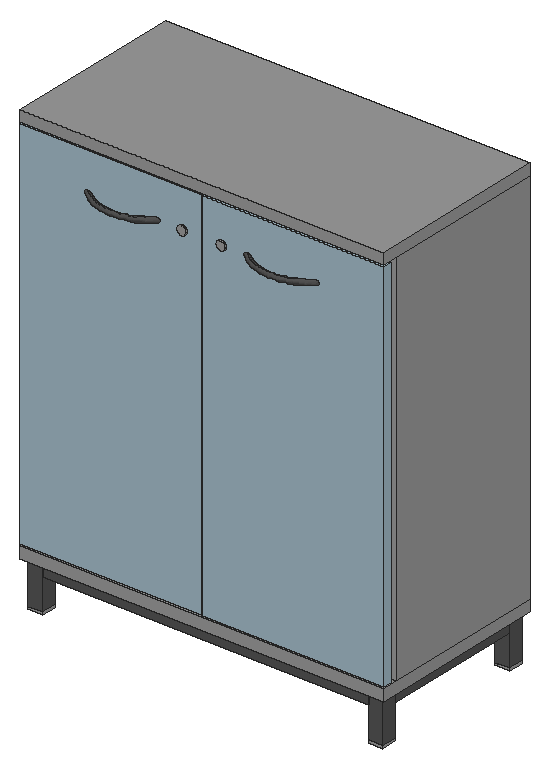
Revit family "800 Tall Storage", category Furniture, Revit 2019
Family settings
  OmniClass Number = 23.40.20.00
  OmniClass Title = General Furniture and Specialties
  Work Plane-Based = No
  Always vertical = Yes
  Cut with Voids When Loaded = No
  Shared = No
  Room Calculation Point = No
Parameters (values of type "Storage - 800 Tall Storage")
  Width = 800 mm
  URL = "www.gof.co.uk"
  Range = "STORAGE"
  Product Data Specification = ""
  Product Code = "KQ0810ST"
  Product Brochure = ""
  Model = "KULTURE QUOLL"
  Manufacturer = "Gresham Office Furniture"  # constant formula
  Handle = Gresham - BLACK METAL
  Frame = Gresham - BLACK METAL
  Doors = Gresham - Azure
  Carcass = Gresham - MIDNIGHT ASH VERTICAL
  Depth = 400 mm
Reference planes
  plane 1 "Center (Front/Back)": y = 0
  plane 2: z = 0
  plane 3 "Center (Left/Right)": x = 0
  plane 4: x = -400
  plane 5: x = 400
  plane 6: y = 200
  plane 7 "Front": y = -200
  plane 8 "Storage Top": z = 569
  plane 9: z = 556.5
  plane 10 "Door Front": y = -182
  plane 11: z = 112.5
  plane 12: z = 544
  plane 13: z = 1400
  plane 14: z = 984
  plane 15: z = 959
  plane 16: z = 1375
  plane 17: z = 125
  plane 18: z = 100
  plane 19: z = 568.5
  plane 20: z = 543.5
Forms (mm)
  Extrusion 1, solid, material "Gresham - MIDNIGHT ASH VERTICAL" <- "Carcass"
    sketch origin (0, -5.525, 5) x (-1, 0, 0) y (0, -1, 0)
      loop
        line (382, -205.525) -> (382, -187.525) -> (-382, -187.525) -> (-382, -205.525) -> (382, -205.525)
    from 120 to 954
  Extrusion 2, solid, material "Gresham - MIDNIGHT ASH VERTICAL" <- "Carcass"
    sketch origin (0, 17, 0) x (1, 0, 0) y (0, 1, 0)
      loop
        line (-400, 183) -> (-400, -182) -> (-382, -182) -> (-382, 183) -> (-400, 183)
      loop
        line (400, 183) -> (382, 183) -> (382, -182) -> (400, -182) -> (400, 183)
    from 125 to 959
  Extrusion 3, solid, material "Gresham - MIDNIGHT ASH VERTICAL"
    sketch origin (0, 7, -5) x (0, 1, 0) y (0, 0, 1)
      loop
        line (-207, 964) -> (193, 964) -> (193, 989) -> (-207, 989) -> (-207, 964)
    from -400 to 400
  Extrusion 4, solid, material "Gresham - MIDNIGHT ASH VERTICAL" <- "Carcass"
    sketch origin (0, -6.874, 39) x (0, 1, 0) y (0, 0, 1)
      loop
        line (-193.126, 61) -> (206.874, 61) -> (206.874, 86) -> (-193.126, 86) -> (-193.126, 61)
    from -400 to 400
  Extrusion 5, solid, material "Gresham - MIDNIGHT ASH VERTICAL" <- "Carcass"
    sketch origin (-8.088, 0, 0) x (1, 0, 0) y (0, 1, 0)
      loop
        line (17.088, 182) -> (-0.912, 182) -> (-0.912, -182) -> (17.088, -182) -> (17.088, 182)
    from 125 to 959
Dimensions and locks
  equal spacing: plane 4, plane 3 "Center (Left/Right)", plane 5
  "Width": plane 4 to plane 5
  equal spacing: plane 6, plane 1 "Center (Front/Back)", plane 7 "Front"
  locked: Extrusion 2 to Extrusion 2 at 18  (x2)
  Extrusion 3 sketch curve to Extrusion 3 sketch curve = 25 mm
  "Depth": plane 6 to plane 7 "Front"
  Extrusion 2 to plane 7 "Front" = 35 mm
  Extrusion 3 to Extrusion 3 = 25 mm
  locked: Extrusion 1 to Extrusion 1 at 18
  locked: plane 8 "Storage Top" to plane 9 at 12.5
  equal spacing: Extrusion 5, plane 3 "Center (Left/Right)", Extrusion 5
  locked: Extrusion 5 to Extrusion 5 at 18
  locked: plane 10 "Door Front" to plane 7 "Front" at 18
  Extrusion 4 sketch curve to Extrusion 4 sketch curve = 25 mm
  equal spacing: Extrusion 4, plane 11, Extrusion 4
  locked: Extrusion 4 to Extrusion 4 at 25
  locked: plane 11 to level at 112.5
  locked: plane 8 "Storage Top" to plane 12 at 25
  plane 12 to plane 11 = 431.5 mm  (x2)
  locked: plane 13 to level at 1400
  locked: plane 14 to level at 984
  locked: plane 14 to plane 15 at 25
  locked: plane 13 to plane 16 at 25
  locked: plane 17 to plane 18 at 25
  locked: plane 19 to plane 20 at 25
  plane 19 to level = 568.5 mm
  aligned and locked: level to plane 2
  aligned and locked: Extrusion 2 to plane 5
  aligned and locked: Extrusion 2 to plane 4
  aligned and locked: Extrusion 2 to Extrusion 1  (x2)
  aligned and locked: Extrusion 1 to Extrusion 2  (x2)
  aligned and locked: Extrusion 3 to plane 5
  aligned and locked: Extrusion 3 to plane 4
  aligned and locked: Extrusion 2 to Extrusion 3
  aligned and locked: Extrusion 3 to plane 7 "Front"
  aligned and locked: plane 6 to Extrusion 3
  aligned and locked: plane 6 to Extrusion 2  (x2)
  aligned and locked: plane 6 to Extrusion 1
  aligned and locked: plane 6 to Extrusion 4
  aligned and locked: Extrusion 5 sketch curve to Extrusion 1
  aligned and locked: Extrusion 1 to Extrusion 5
  aligned and locked: Extrusion 4 to plane 7 "Front"
Automatic sketch dimensions
  Extrusion 1 sketch curve to plane 6 = 0 mm
  plane 5 to Extrusion 1 sketch curve = 18 mm
  plane 4 to Extrusion 1 sketch curve = 18 mm
  Extrusion 1 sketch curve to Extrusion 1 sketch curve = 18 mm
  Extrusion 2 sketch curve to plane 4 = 0 mm
  plane 6 to Extrusion 2 sketch curve = 0 mm  (x2)
  Extrusion 2 sketch curve to plane 10 "Door Front" = 17 mm  (x2)
  Extrusion 2 sketch curve to plane 5 = 0 mm
  plane 4 to Extrusion 2 sketch curve = 18 mm
  plane 5 to Extrusion 2 sketch curve = 18 mm
  Extrusion 3 sketch curve to plane 7 "Front" = 0 mm
  Extrusion 3 sketch curve to plane 6 = 0 mm
  plane 12 to Extrusion 3 sketch curve = 415 mm
  Extrusion 4 sketch curve to plane 7 "Front" = 0 mm
  Extrusion 4 sketch curve to plane 6 = 0 mm
  Extrusion 4 sketch curve to plane 18 = 0 mm
  plane 10 "Door Front" to Extrusion 5 sketch curve = 0 mm
  Extrusion 5 sketch curve to plane 3 "Center (Left/Right)" = 9 mm
  plane 3 "Center (Left/Right)" to Extrusion 5 sketch curve = 9 mm
Nested families
  nested 1: "Modular Storage Frame" at (0, 0, 0), type "Modular Storage Frame"
    with Width 780 mm
  nested 2: "Hinged Locking Wooden Doors - HD2 - Level 1" at (0, 0, 0), type "Hinged Locking Wooden Doors - HD2 - Level 1"
    with Handle Type D no, Handle Type C yes, Handle Type B no, Width 800 mm
Definition of nested family "Modular Storage Frame"
  Parameters (values of type "Modular Storage Frame")
    Width = 1180 mm
    URL = "www.gof.co.uk"
    Frame = none
    Range = "STORAGE"
    Product Data Specification = ""
    Product Code = ""
    Product Brochure = ""
    Model = "MODULAR STORAGE"
    Manufacturer = "Gresham Office Furniture"  # constant formula
    Foot = none
    Depth = 380 mm
  Reference planes
    plane 1 "Center (Front/Back)": y = 0
    plane 2: z = 0
    plane 3 "Center (Left/Right)": x = 0
    plane 4: x = -590
    plane 5: x = 590
    plane 6: y = 190
    plane 7: y = -190
  Forms (mm)
    Extrusion 1, solid, material <- "Frame"
      sketch origin (76, -5.525, 0) x (-1, 0, 0) y (0, -1, 0)
        loop
          line (634, -195.525) -> (634, -170.525) -> (-482, -170.525) -> (-482, -195.525) -> (634, -195.525)
        loop
          line (634, 184.475) -> (-482, 184.475) -> (-482, 159.475) -> (634, 159.475) -> (634, 184.475)
        loop
          line (-514, -163.525) -> (-489, -163.525) -> (-489, 152.475) -> (-514, 152.475) -> (-514, -163.525)
        loop
          line (666, -163.525) -> (666, 152.475) -> (641, 152.475) -> (641, -163.525) -> (666, -163.525)
      from 75 to 100
    Extrusion 2, solid, material <- "Frame"
      sketch origin (0, 0, 0) x (1, 0, 0) y (0, 1, 0)
        loop
          line (590, -190) -> (590, -158) -> (558, -158) -> (558, -190) -> (590, -190)
        loop
          line (590, 190) -> (558, 190) -> (558, 158) -> (590, 158) -> (590, 190)
        loop
          line (-590, -190) -> (-558, -190) -> (-558, -158) -> (-590, -158) -> (-590, -190)
        loop
          line (-590, 190) -> (-590, 158) -> (-558, 158) -> (-558, 190) -> (-590, 190)
      from 5 to 100
    Extrusion 3, solid, material <- "Foot"
      sketch origin (0, 0, 0) x (1, 0, 0) y (0, 1, 0)
        loop
          line (590, 190) -> (558, 190) -> (558, 158) -> (590, 158) -> (590, 190)
        loop
          line (590, -158) -> (558, -158) -> (558, -190) -> (590, -190) -> (590, -158)
        loop
          line (-590, -190) -> (-558, -190) -> (-558, -158) -> (-590, -158) -> (-590, -190)
        loop
          line (-590, 190) -> (-590, 158) -> (-558, 158) -> (-558, 190) -> (-590, 190)
      from 0 to 5
  Dimensions and locks
    equal spacing: plane 4, plane 3 "Center (Left/Right)", plane 5
    "Width": plane 4 to plane 5
    equal spacing: plane 6, plane 1 "Center (Front/Back)", plane 7
    "Depth": plane 6 to plane 7
    Extrusion 2 sketch curve to Extrusion 2 sketch curve = 32 mm  (x7)
    locked: Extrusion 1 to Extrusion 1 at 25
    locked: Extrusion 2 to plane 5 at 32  (x2)
    locked: Extrusion 2 to Extrusion 2 at 32
    locked: plane 6 to Extrusion 2 at 32  (x2)
    locked: plane 4 to Extrusion 2 at 32  (x2)
    locked: Extrusion 2 to plane 7 at 32
    locked: Extrusion 1 to plane 5 at 25
    locked: plane 4 to Extrusion 1 at 25
    Extrusion 1 to plane 2 = 100 mm
    aligned and locked: level to plane 2
    aligned and locked: Extrusion 2 to Extrusion 1
    aligned and locked: plane 6 to Extrusion 1
    aligned and locked: Extrusion 1 sketch curve to Extrusion 2
    aligned and locked: Extrusion 2 to Extrusion 1 sketch curve
  Automatic sketch dimensions
    Extrusion 1 sketch curve to plane 5 = 0 mm
    Extrusion 1 sketch curve to plane 7 = 0 mm
    Extrusion 1 sketch curve to plane 4 = 0 mm
    Extrusion 1 sketch curve to plane 6 = 0 mm
    Extrusion 1 sketch curve to Extrusion 1 sketch curve = 7 mm  (x5)
    plane 4 to Extrusion 1 sketch curve = 32 mm
    Extrusion 1 sketch curve to Extrusion 1 sketch curve = 25 mm  (x2)
    plane 7 to Extrusion 1 sketch curve = 32 mm  (x2)
    Extrusion 3 sketch curve to plane 4 = 0 mm  (x2)
    Extrusion 3 sketch curve to plane 7 = 0 mm  (x2)
    Extrusion 3 sketch curve to plane 6 = 0 mm  (x2)
    Extrusion 3 sketch curve to plane 5 = 0 mm  (x2)
    Extrusion 3 sketch curve to Extrusion 3 sketch curve = 32 mm  (x5)
    plane 7 to Extrusion 3 sketch curve = 32 mm
    Extrusion 3 sketch curve to plane 6 = 32 mm  (x2)
    Extrusion 2 sketch curve to plane 4 = 0 mm  (x2)
    Extrusion 2 sketch curve to plane 6 = 0 mm  (x2)
    Extrusion 2 sketch curve to plane 7 = 0 mm  (x2)
    Extrusion 2 sketch curve to plane 5 = 0 mm  (x2)
    Extrusion 2 sketch curve to Extrusion 2 sketch curve = 32 mm
Definition of nested family "Hinged Locking Wooden Doors - HD2 - Level 1"
  Parameters (values of type "Hinged Locking Wooden Doors - HD2 - Level 1")
    Width = 1200 mm
    URL = "www.gof.co.uk"
    Range = "STORAGE"
    Product Data Specification = ""
    Product Code = "HD2"
    Product Brochure = ""
    Model = "BOOKCASE"
    Manufacturer = "Gresham Office Furniture"  # constant formula
    Height = 1816 mm
    Handle Type D [instance] = no
    Handle Type C [instance] = yes
    Handle Type B [instance] = no
    HD2 - Lock = yes
    Doors = none
    Depth = 400 mm
  Reference planes
    plane 1 "Center (Front/Back)": y = 0
    plane 2: z = 0
    plane 3 "Center (Left/Right)": x = 0
    plane 4: x = -600
    plane 5: x = 600
    plane 6: y = 200
    plane 7 "Front": y = -200
    plane 8 "Storage Top": z = 1816
    plane 9: z = 1803.5
    plane 10 "Door Front": y = -182
    plane 11: z = 112.5
    plane 12: z = 1791
    plane 13: z = 1400
    plane 14: z = 984
    plane 15: z = 959
    plane 16: z = 1375
    plane 17: z = 125
    plane 18: z = 100
  Forms (mm)
    Extrusion 1, solid, material <- "Doors", visible <- "HD2 - Lock"
      sketch origin (-839.743, -182, 1119.4) x (1, 0, 0) y (0, 0, 1)
        loop
          line (840.743, -990.4) -> (1439.743, -990.4) -> (1439.743, -163.4) -> (840.743, -163.4) -> (840.743, -990.4)
      from 0 to 18
    Extrusion 2, solid, visible <- "HD2 - Lock"
      sketch origin (0, 0, 415.5) x (-1, 0, 0) y (0, 0, -1)
        loop
          circle (-43, -457) r 10
      from 200 to 202
    Extrusion 3, solid, material <- "Doors", visible <- "HD2 - Lock"
      sketch origin (839.743, -182, 1119.4) x (-1, 0, 0) y (0, 0, -1)
        loop
          line (840.743, 163.4) -> (1439.743, 163.4) -> (1439.743, 990.4) -> (840.743, 990.4) -> (840.743, 163.4)
      from 0 to 18
    Extrusion 4, solid, visible <- "HD2 - Lock"
      sketch origin (0, 0, 415.5) x (1, 0, 0) y (0, 0, 1)
        loop
          circle (-43, 457) r 10
      from 200 to 202
  Dimensions and locks
    equal spacing: plane 4, plane 3 "Center (Left/Right)", plane 5
    "Width": plane 4 to plane 5
    equal spacing: plane 6, plane 1 "Center (Front/Back)", plane 7 "Front"
    "Depth": plane 6 to plane 7 "Front"
    "Height": plane 8 "Storage Top" to plane 2
    locked: plane 8 "Storage Top" to plane 9 at 12.5
    locked: plane 10 "Door Front" to plane 7 "Front" at 18
    locked: plane 11 to level at 112.5
    locked: plane 8 "Storage Top" to plane 12 at 25
    plane 12 to plane 11 = 1678.5 mm  (x2)
    locked: plane 13 to level at 1400
    locked: plane 14 to level at 984
    locked: plane 14 to plane 15 at 25
    locked: plane 13 to plane 16 at 25
    locked: plane 17 to plane 18 at 25
    Extrusion 1 to Extrusion 1 = 827 mm
    locked: Extrusion 1 to Extrusion 1 at 18
    locked: Extrusion 1 to nested 2 at 99
    locked: Extrusion 1 to nested 2 at 83.5
    locked: Extrusion 1 to nested 1 at 99
    locked: Extrusion 1 to nested 1 at 83.5
    locked: Extrusion 1 to nested 3 at 83.5
    locked: Extrusion 1 to nested 3 at 99
    locked: Extrusion 3 to Extrusion 3 at 18
    locked: Extrusion 3 to nested 6 at 99
    locked: Extrusion 3 to nested 6 at 83.5
    locked: Extrusion 3 to nested 4 at 99
    locked: Extrusion 3 to nested 4 at 83.5
    locked: Extrusion 3 to nested 5 at 83.5
    locked: Extrusion 3 to nested 5 at 99
    locked: Extrusion 1 sketch curve to plane 17 at 4
    aligned and locked: level to plane 2
    aligned and locked: Extrusion 2 sketch curve to nested 1
    aligned and locked: nested 6 to Extrusion 4 sketch curve
    aligned and locked: Extrusion 3 sketch curve to Extrusion 1
  Automatic sketch dimensions
    plane 5 to Extrusion 1 sketch curve = 0 mm
    plane 3 "Center (Left/Right)" to Extrusion 1 sketch curve = 1 mm
    Extrusion 1 sketch curve to plane 15 = 3 mm
    Extrusion 2 sketch curve to plane 3 "Center (Left/Right)" = 43 mm
    Extrusion 4 sketch curve to plane 3 "Center (Left/Right)" = 43 mm
    Extrusion 3 sketch curve to plane 4 = 0 mm
    Extrusion 3 sketch curve to plane 15 = 3 mm
    Extrusion 3 sketch curve to plane 3 "Center (Left/Right)" = 1 mm
    radius of Extrusion 2 sketch curve = 10 mm
    radius of Extrusion 4 sketch curve = 10 mm
  Nested families
    nested 1: "Handle Type C-1" at (175, -200, -108.638) x (-1, 0, 0) z (0, 0, 1), visible <- "Handle Type C", type "Handle Type C-1"
    nested 2: "Handle Type B-1" at (175, -200, -122.078) x (-1, 0, 0) z (0, 0, 1), visible <- "Handle Type B", type "Handle Type B-1"
    nested 3: "Handle Type D-1" at (175, -200, -122.078) x (-1, 0, 0) z (0, 0, 1), visible <- "Handle Type D", type "Handle Type D-1"
    nested 4: "Handle Type C-1" at (-175, -200, -108.638), visible <- "Handle Type C", type "Handle Type C-1"
    nested 5: "Handle Type B-1" at (-175, -200, -122.078), visible <- "Handle Type B", type "Handle Type B-1"
    nested 6: "Handle Type D-1" at (-175, -200, -122.078), visible <- "Handle Type D", type "Handle Type D-1"
  Definition of nested family "Handle Type C-1"
    Parameters (values of type "Handle Type C-1")
      URL = "www.gof.co.uk"
      Type Comments = ""
      Range = "STORAGE"
      Handle Type C = none
      Product Code = "Handle Type C"
      Model = ""
      Manufacturer = "Gresham Office Furniture"  # constant formula
      Assembly Code = "E2020200"
    Reference planes
      plane 1 "Center (Front/Back)": y = 0
      plane 2: z = 0
      plane 3 "Center (Left/Right)": x = 0
      plane 4: x = -475
      plane 5: x = 475
      plane 6 "Storage Top": z = 2007
      plane 7: y = 260
      plane 8: y = -260
    Forms (mm)
      Extrusion 1, void
        sketch origin (981.138, 0, 981.138) x (0, 1, 0) y (-1, 0, 0)
          loop
            line (0, 1072) -> (0, 884.5) -> (27.401, 884.5) -> (27.401, 1072) -> (0, 1072)
        from -12.204 to 11.22
      Sweep 2, solid, material <- "Handle Type C"
        path in 3D
          loop
            arc (-78.75, 3.75, 981.138) -> (0, -30, 981.138) -> (78.75, 3.75, 981.138) r 108.75
        profile origin (0, -30, 981.138) x (0, 1, 0) y (0, 0, 1)
          loop
            circle (0, 0) r 5
    Cuts and joins
      Extrusion 1 cuts Sweep 2
    Lines and regions (mm)
      model lines, not visible, detail levels coarse+medium
        curve 1: line (68, 0, 981.138) -> (-68, 0, 981.138)
        curve 2: line (0, 0, 986.138) -> (0, 0, 976.138)
      model lines, not visible
        curve 3: line (0, 0, 981.138) -> (0, -30, 981.138)
        curve 5: line (-75, 0, 976.138) -> (-75, 0, 986.138)
        curve 6: line (75, 0, 986.138) -> (75, 0, 976.138)
      sketch lines
        curve 4: arc (-78.75, 3.75, 981.138) -> (0, -30, 981.138) -> (78.75, 3.75, 981.138) r 108.75
    Dimensions and locks
      equal spacing: plane 4, plane 3 "Center (Left/Right)", plane 5
      locked: plane 4 to plane 5 at 950
      equal spacing: plane 7, plane 1 "Center (Front/Back)", plane 8
      locked: plane 7 to plane 8 at 520
      aligned and locked: level to plane 2
    Automatic sketch dimensions
      curve 3 to plane 1 "Center (Front/Back)" = 0 mm
      plane 1 "Center (Front/Back)" to curve 3 = 30 mm
      curve 2 to plane 3 "Center (Left/Right)" = 0 mm
      level to curve 2 = 976.138 mm
      curve 1 to plane 3 "Center (Left/Right)" = 68 mm
      curve 5 to curve 1 = 7 mm
      plane 3 "Center (Left/Right)" to curve 1 = 68 mm
      curve 1 to curve 6 = 7 mm
      curve 6 to curve 2 = 0 mm
      curve 5 to curve 2 = 0 mm
      curve 5 to curve 1 = 5 mm
      curve 1 to curve 6 = 5 mm
      curve 1 to curve 5 = 5 mm
      curve 2 to curve 2 = 10 mm
      plane 1 "Center (Front/Back)" to Extrusion 1 sketch curve = 0 mm
      Extrusion 1 sketch curve to plane 1 "Center (Front/Back)" = 27.401 mm
      plane 3 "Center (Left/Right)" to Extrusion 1 sketch curve = 96.638 mm
      Extrusion 1 sketch curve to plane 3 "Center (Left/Right)" = 90.862 mm
      Sweep 2 sketch curve to profile plane = 0 mm  (x2)
      level to curve 3 = 981.138 mm
      radius of Sweep 2 sketch curve = 5 mm
  Definition of nested family "Handle Type B-1"
    Parameters (values of type "Handle Type B-1")
      URL = "www.gof.co.uk"
      Type Comments = ""
      Range = "STORAGE"
      Handle Type B = none
      Product Code = "Handle Type B"
      Model = ""
      Manufacturer = "Gresham Office Furniture"  # constant formula
      Assembly Code = "E2020200"
    Reference planes
      plane 1 "Center (Front/Back)": y = 0
      plane 2: z = 0
      plane 3 "Center (Left/Right)": x = 0
      plane 4: x = -475
      plane 5: x = 475
      plane 6: y = 260
      plane 7: y = -260
    Forms (mm)
      Extrusion 1, void
        sketch origin (872.923, -128.373, 994.578) x (0, 1, 0) y (-1, 0, 0)
          loop
            line (71.667, 873.923) -> (71.667, 872.291) -> (97.075, 872.291) -> (97.075, 873.923) -> (71.667, 873.923)
        from -6 to 6
      Extrusion 2, solid, material <- "Handle Type B"
        sketch origin (988.138, 0, 994.578) x (0, 0, 1) y (-1, 0, 0)
          loop
            circle (0, 1063.138) r 4
          loop
            circle (0, 913.138) r 4
        from 0 to 10.354
      Sweep 3, solid, material <- "Handle Type B"
        path in 3D
          loop
            arc (-85, -5, 994.578) -> (0, -30, 994.578) -> (85, -5, 994.578) r 157
        profile origin (0, -30, 994.578) x (0, 1, 0) y (0, 0, 1)
          loop
            spline (0, 7.5) -> (-0.776, 7.244) -> (-1.5, 6.495) -> (-2.121, 5.303) -> (-2.598, 3.75) -> (-2.898, 1.941) -> (-3, 0) -> (-2.898, -1.941) -> (-2.598, -3.75) -> (-2.121, -5.303) -> (-1.5, -6.495) -> (-0.776, -7.244) -> (0, -7.5)
            spline (0, -7.5) -> (0.776, -7.244) -> (1.5, -6.495) -> (2.121, -5.303) -> (2.598, -3.75) -> (2.898, -1.941) -> (3, 0) -> (2.898, 1.941) -> (2.598, 3.75) -> (2.121, 5.303) -> (1.5, 6.495) -> (0.776, 7.244) -> (0, 7.5)
      Extrusion 4, void
        sketch origin (867.923, -128.373, 994.578) x (0, 1, 0) y (-1, 0, 0)
          loop
            line (71.667, 873.923) -> (71.667, 872.291) -> (97.075, 872.291) -> (97.075, 873.923) -> (71.667, 873.923)
        from -6 to 6
      Extrusion 5, void
        sketch origin (862.923, -128.373, 994.578) x (0, 1, 0) y (-1, 0, 0)
          loop
            line (71.667, 873.923) -> (71.667, 872.291) -> (98.373, 872.291) -> (98.373, 873.923) -> (71.667, 873.923)
        from -6 to 6
      Extrusion 6, void
        sketch origin (857.923, -128.373, 994.578) x (0, 1, 0) y (-1, 0, 0)
          loop
            line (71.667, 873.923) -> (71.667, 872.291) -> (98.373, 872.291) -> (98.373, 873.923) -> (71.667, 873.923)
        from -6 to 6
      Extrusion 7, void
        sketch origin (852.923, -128.373, 994.578) x (0, 1, 0) y (-1, 0, 0)
          loop
            line (71.667, 873.923) -> (71.667, 872.291) -> (98.842, 872.291) -> (98.842, 873.923) -> (71.667, 873.923)
        from -6 to 6
      Extrusion 8, void
        sketch origin (847.923, -128.373, 994.578) x (0, 1, 0) y (-1, 0, 0)
          loop
            line (71.667, 873.923) -> (71.667, 872.291) -> (99.385, 872.291) -> (99.385, 873.923) -> (71.667, 873.923)
        from -6 to 6
      Extrusion 9, void
        sketch origin (842.923, -128.373, 994.578) x (0, 1, 0) y (-1, 0, 0)
          loop
            line (71.667, 873.923) -> (71.667, 872.291) -> (100.2, 872.291) -> (100.2, 873.923) -> (71.667, 873.923)
        from -6 to 6
      Extrusion 10, void
        sketch origin (837.923, -128.373, 994.578) x (0, 1, 0) y (-1, 0, 0)
          loop
            line (71.667, 873.923) -> (71.667, 872.291) -> (100.984, 872.291) -> (100.984, 873.923) -> (71.667, 873.923)
        from -6 to 6
      Extrusion 11, void
        sketch origin (832.923, -128.373, 994.578) x (0, 1, 0) y (-1, 0, 0)
          loop
            line (71.667, 873.923) -> (71.667, 872.291) -> (102.35, 872.291) -> (102.35, 873.923) -> (71.667, 873.923)
        from -6 to 6
      Extrusion 12, void
        sketch origin (-867.923, -128.373, 994.578) x (0, 1, 0) y (-1, 0, 0)
          loop
            line (71.667, -873.923) -> (97.075, -873.923) -> (97.075, -872.291) -> (71.667, -872.291) -> (71.667, -873.923)
        from -6 to 6
      Extrusion 13, void
        sketch origin (-862.923, -128.373, 994.578) x (0, 1, 0) y (-1, 0, 0)
          loop
            line (71.667, -873.923) -> (98.373, -873.923) -> (98.373, -872.291) -> (71.667, -872.291) -> (71.667, -873.923)
        from -6 to 6
      Extrusion 14, void
        sketch origin (-857.923, -128.373, 994.578) x (0, 1, 0) y (-1, 0, 0)
          loop
            line (71.667, -873.923) -> (98.373, -873.923) -> (98.373, -872.291) -> (71.667, -872.291) -> (71.667, -873.923)
        from -6 to 6
      Extrusion 15, void
        sketch origin (-852.923, -128.373, 994.578) x (0, 1, 0) y (-1, 0, 0)
          loop
            line (71.667, -873.923) -> (98.842, -873.923) -> (98.842, -872.291) -> (71.667, -872.291) -> (71.667, -873.923)
        from -6 to 6
      Extrusion 16, void
        sketch origin (-847.923, -128.373, 994.578) x (0, 1, 0) y (-1, 0, 0)
          loop
            line (71.667, -873.923) -> (99.385, -873.923) -> (99.385, -872.291) -> (71.667, -872.291) -> (71.667, -873.923)
        from -6 to 6
      Extrusion 17, void
        sketch origin (-842.923, -128.373, 994.578) x (0, 1, 0) y (-1, 0, 0)
          loop
            line (71.667, -873.923) -> (100.2, -873.923) -> (100.2, -872.291) -> (71.667, -872.291) -> (71.667, -873.923)
        from -6 to 6
      Extrusion 18, void
        sketch origin (-837.923, -128.373, 994.578) x (0, 1, 0) y (-1, 0, 0)
          loop
            line (71.667, -873.923) -> (100.984, -873.923) -> (100.984, -872.291) -> (71.667, -872.291) -> (71.667, -873.923)
        from -6 to 6
      Extrusion 19, void
        sketch origin (-832.923, -128.373, 994.578) x (0, 1, 0) y (-1, 0, 0)
          loop
            line (71.667, -873.923) -> (102.35, -873.923) -> (102.35, -872.291) -> (71.667, -872.291) -> (71.667, -873.923)
        from -6 to 6
    Cuts and joins
      Extrusion 1, Extrusion 4, Extrusion 5, Extrusion 6, Extrusion 7, Extrusion 8, Extrusion 9, Extrusion 10, Extrusion 11, Extrusion 12, Extrusion 13, Extrusion 14, Extrusion 15, Extrusion 16, Extrusion 17, Extrusion 18, Extrusion 19 cuts Sweep 3
    Lines and regions (mm)
      model lines, not visible, detail levels coarse+medium
        curve 1: line (75, 0, 999.578) -> (75, 0, 989.578)
      model lines, not visible
        curve 2: line (-75, 0, 999.578) -> (-75, 0, 989.578)
        curve 3: line (-75, 0, 994.578) -> (75, 0, 994.578)
        curve 4: line (0, 0, 994.578) -> (0, -30, 994.578)
        curve 6: line (0, 0, 999.578) -> (0, 0, 989.578)
      sketch lines
        curve 5: arc (-85, -5, 994.578) -> (0, -30, 994.578) -> (85, -5, 994.578) r 157
    Dimensions and locks
      equal spacing: plane 4, plane 3 "Center (Left/Right)", plane 5
      locked: plane 4 to plane 5 at 950
      equal spacing: plane 6, plane 1 "Center (Front/Back)", plane 7
      locked: plane 6 to plane 7 at 520
      aligned and locked: level to plane 2
    Automatic sketch dimensions
      curve 4 to curve 4 = 30 mm
      curve 6 to plane 3 "Center (Left/Right)" = 0 mm
      plane 3 "Center (Left/Right)" to curve 1 = 75 mm
      level to curve 1 = 989.578 mm
      curve 3 to plane 3 "Center (Left/Right)" = 75 mm
      curve 2 to curve 1 = 0 mm
      curve 6 to curve 1 = 0 mm
      curve 2 to curve 3 = 5 mm
      curve 6 to curve 6 = 10 mm
      curve 3 to curve 2 = 5 mm
      curve 3 to curve 1 = 5 mm
      plane 3 "Center (Left/Right)" to Extrusion 1 sketch curve = 0.632 mm
      plane 1 "Center (Front/Back)" to Extrusion 1 sketch curve = 56.707 mm
      Extrusion 1 sketch curve to Extrusion 1 sketch curve = 25.409 mm
      Extrusion 1 sketch curve to plane 3 "Center (Left/Right)" = 1 mm
      plane 3 "Center (Left/Right)" to Extrusion 2 sketch curve = 75 mm
      level to Extrusion 2 sketch curve = 994.578 mm
      Extrusion 2 sketch curve to plane 3 "Center (Left/Right)" = 75 mm
      Extrusion 2 sketch curve to Extrusion 2 sketch curve = 0 mm
      Sweep 3 sketch curve to profile plane = 0 mm  (x2)
      Sweep 3 sketch curve to Sweep 3 sketch curve = 7.5 mm
      Extrusion 4 sketch curve to plane 3 "Center (Left/Right)" = 4.368 mm
      plane 1 "Center (Front/Back)" to Extrusion 4 sketch curve = 56.707 mm
      Extrusion 4 sketch curve to Extrusion 4 sketch curve = 25.409 mm
      Extrusion 4 sketch curve to Extrusion 4 sketch curve = 1.632 mm
      Extrusion 5 sketch curve to plane 3 "Center (Left/Right)" = 9.368 mm
      plane 1 "Center (Front/Back)" to Extrusion 5 sketch curve = 56.707 mm
      Extrusion 5 sketch curve to Extrusion 5 sketch curve = 26.707 mm
      Extrusion 5 sketch curve to Extrusion 5 sketch curve = 1.632 mm
      Extrusion 6 sketch curve to plane 3 "Center (Left/Right)" = 14.368 mm
      plane 1 "Center (Front/Back)" to Extrusion 6 sketch curve = 56.707 mm
      Extrusion 6 sketch curve to Extrusion 6 sketch curve = 26.707 mm
      Extrusion 6 sketch curve to Extrusion 6 sketch curve = 1.632 mm
      Extrusion 7 sketch curve to plane 3 "Center (Left/Right)" = 19.368 mm
      plane 1 "Center (Front/Back)" to Extrusion 7 sketch curve = 56.707 mm
      Extrusion 7 sketch curve to Extrusion 7 sketch curve = 27.176 mm
      Extrusion 7 sketch curve to Extrusion 7 sketch curve = 1.632 mm
      Extrusion 8 sketch curve to plane 3 "Center (Left/Right)" = 24.368 mm
      plane 1 "Center (Front/Back)" to Extrusion 8 sketch curve = 56.707 mm
      Extrusion 8 sketch curve to Extrusion 8 sketch curve = 27.719 mm
      Extrusion 8 sketch curve to Extrusion 8 sketch curve = 1.632 mm
      plane 1 "Center (Front/Back)" to Extrusion 9 sketch curve = 56.707 mm
      plane 1 "Center (Front/Back)" to Extrusion 9 sketch curve = 28.173 mm
      Extrusion 9 sketch curve to plane 3 "Center (Left/Right)" = 29.368 mm
      Extrusion 9 sketch curve to Extrusion 9 sketch curve = 1.632 mm
      plane 1 "Center (Front/Back)" to Extrusion 10 sketch curve = 56.707 mm
      plane 1 "Center (Front/Back)" to Extrusion 10 sketch curve = 27.389 mm
      Extrusion 10 sketch curve to plane 3 "Center (Left/Right)" = 34.368 mm
      Extrusion 10 sketch curve to Extrusion 10 sketch curve = 1.632 mm
      plane 1 "Center (Front/Back)" to Extrusion 11 sketch curve = 56.707 mm
      plane 1 "Center (Front/Back)" to Extrusion 11 sketch curve = 26.024 mm
      Extrusion 11 sketch curve to plane 3 "Center (Left/Right)" = 39.368 mm
      Extrusion 11 sketch curve to Extrusion 11 sketch curve = 1.632 mm
      plane 3 "Center (Left/Right)" to Extrusion 12 sketch curve = 4.368 mm
      plane 1 "Center (Front/Back)" to Extrusion 12 sketch curve = 56.707 mm
      Extrusion 12 sketch curve to Extrusion 12 sketch curve = 25.409 mm
      Extrusion 12 sketch curve to Extrusion 12 sketch curve = 1.632 mm
      plane 3 "Center (Left/Right)" to Extrusion 13 sketch curve = 9.368 mm
      plane 1 "Center (Front/Back)" to Extrusion 13 sketch curve = 56.707 mm
      Extrusion 13 sketch curve to Extrusion 13 sketch curve = 26.707 mm
      Extrusion 13 sketch curve to Extrusion 13 sketch curve = 1.632 mm
      plane 3 "Center (Left/Right)" to Extrusion 14 sketch curve = 14.368 mm
      plane 1 "Center (Front/Back)" to Extrusion 14 sketch curve = 56.707 mm
      Extrusion 14 sketch curve to Extrusion 14 sketch curve = 26.707 mm
      Extrusion 14 sketch curve to Extrusion 14 sketch curve = 1.632 mm
      plane 3 "Center (Left/Right)" to Extrusion 15 sketch curve = 19.368 mm
      plane 1 "Center (Front/Back)" to Extrusion 15 sketch curve = 56.707 mm
      Extrusion 15 sketch curve to Extrusion 15 sketch curve = 27.176 mm
      Extrusion 15 sketch curve to Extrusion 15 sketch curve = 1.632 mm
      plane 3 "Center (Left/Right)" to Extrusion 16 sketch curve = 24.368 mm
      plane 1 "Center (Front/Back)" to Extrusion 16 sketch curve = 56.707 mm
      Extrusion 16 sketch curve to Extrusion 16 sketch curve = 27.719 mm
      Extrusion 16 sketch curve to Extrusion 16 sketch curve = 1.632 mm
      plane 1 "Center (Front/Back)" to Extrusion 17 sketch curve = 56.707 mm
      plane 1 "Center (Front/Back)" to Extrusion 17 sketch curve = 28.173 mm
      plane 3 "Center (Left/Right)" to Extrusion 17 sketch curve = 31 mm
      Extrusion 17 sketch curve to Extrusion 17 sketch curve = 1.632 mm
      plane 1 "Center (Front/Back)" to Extrusion 18 sketch curve = 56.707 mm
      plane 1 "Center (Front/Back)" to Extrusion 18 sketch curve = 27.389 mm
      plane 3 "Center (Left/Right)" to Extrusion 18 sketch curve = 36 mm
      Extrusion 18 sketch curve to Extrusion 18 sketch curve = 1.632 mm
      plane 1 "Center (Front/Back)" to Extrusion 19 sketch curve = 56.707 mm
      plane 1 "Center (Front/Back)" to Extrusion 19 sketch curve = 26.024 mm
      plane 3 "Center (Left/Right)" to Extrusion 19 sketch curve = 41 mm
      Extrusion 19 sketch curve to Extrusion 19 sketch curve = 1.632 mm
      curve 4 to plane 1 "Center (Front/Back)" = 0 mm
      level to curve 4 = 994.578 mm
      radius of Extrusion 2 sketch curve = 4 mm  (x2)
  Definition of nested family "Handle Type D-1"
    Parameters (values of type "Handle Type D-1")
      URL = "www.gof.co.uk"
      Type Comments = ""
      Range = "STORAGE"
      Handle Type D = none
      Product Code = "Handle Type D"
      Model = ""
      Manufacturer = "Gresham Office Furniture"  # constant formula
      Assembly Code = "E2020200"
    Reference planes
      plane 1 "Center (Front/Back)": y = 0
      plane 2: z = 0
      plane 3 "Center (Left/Right)": x = 0
      plane 4: x = -475
      plane 5: x = 475
      plane 6: y = 260
      plane 7: y = -260
    Forms (mm)
      Extrusion 1, solid, material <- "Handle Type D"
        sketch origin (994.578, 0, 994.578) x (0, 0, 1) y (0, 1, 0)
          loop
            line (5, 0) -> (-5, 0) -> (-5, -6.91)
            arc (-5, -6.91) -> (-7.006, -15.176) -> (0, -20) r 7.5
            arc (0, -20) -> (7.006, -15.176) -> (5, -6.91) r 7.5
            line (5, -6.91) -> (5, 0)
        from 919.578 to 1069.578
    Lines and regions (mm)
      model lines, not visible, detail levels coarse+medium
        curve 1: line (75, 0, 999.578) -> (75, 0, 989.578)
        curve 2: line (-75, 0, 999.578) -> (-75, 0, 989.578)
      model lines, detail levels coarse+medium
        curve 3: line (-75, 0, 994.578) -> (75, 0, 994.578)
      model lines, not visible
        curve 4: line (0, 0, 999.578) -> (0, 0, 989.578)
    Dimensions and locks
      aligned and locked: level to plane 2
